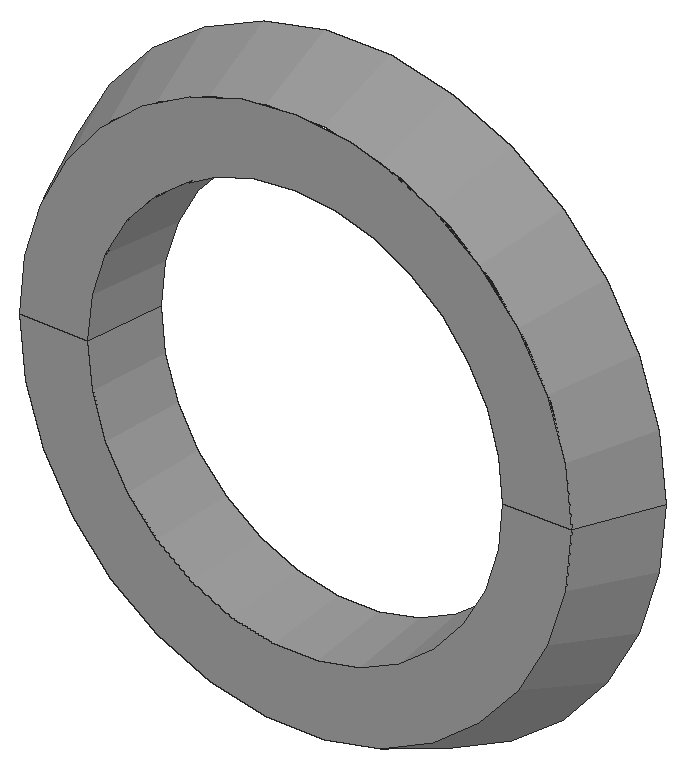
Revit family "VK458", category Sprinklers, Revit 2012
Parameters
  URL = "www.vikinggroupinc.com"
  Model = "VK458"
  Manufacturer = "Viking"
  K-Factor = 7.4
Reference planes (in)
  plane 1 "Center (Front/Back)": y = 0
  plane 2: z = 0
  plane 3 "Center (Left/Right)": x = 0
  plane 4 "Threads": y = -0.60071
Forms (in)
  Revolve 1, solid, material "Default"
    sketch origin (0, 0, 0) x (1, 0, 0) y (0, 1, 0)
      loop
        line (-0.51283, -0.85081) -> (-0.46013, -0.98124) -> (-0.34629, -0.98124) -> (-0.33028, -0.85081) -> (-0.51283, -0.85081)
      axis (0, -0.85081) -> (0, -0.98124)
    angle from 0 to 360
Dimensions and locks (in)
  aligned and locked: plane 2 to level
Connectors (in)
  piping at (0, -0.60071, 0)
    settings: index 1, connector radius 1", flow factor 0, pipe flow 0 GPM, pressure drop 0.00 psi, fitting loss kfactor 0, connector angle 0.00°, fixture units 0, engagement length 0' - 0", flow configuration 0, flow direction 0, fitting loss method 0, system type 7, joint type 0, gender type 0, connector reference index -1, connector utility 0, adjustable connector no, is connector primary yes, fitting loss table "", connector description ""
